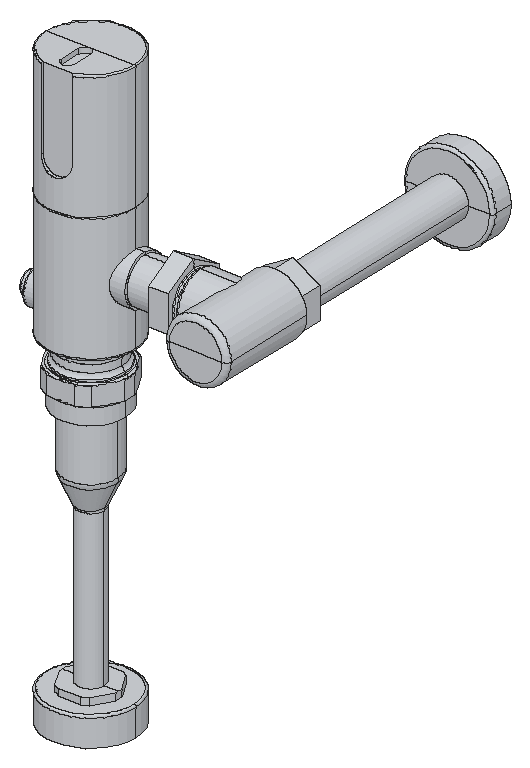
Revit family "Flushometer-Urinal_Touchless-KOHLER-MACH_WAVE-K-40UH00D20_1", category Plumbing Fixtures, host Face, Revit 2017
Family settings
  Host = Face
  Round Connector Dimension = Use Diameter
  Part Type = Normal
  OmniClass Number = 23.27.31.00
  OmniClass Title = Valves
  Cut with Voids When Loaded = No
  Shared = No
  Room Calculation Point = No
Parameters (values of type "0.125 GPF Flushometer, CP-Polished Chrome")
  Without Accessories = Type = 2  # no
  With Accessories = Type = 1  # yes
  Width [instance] = 4 3/8"
  WaterSense Certified = 1 = 0  # no
  Waste Water Outlet = "Waste Water Outlet"  # constant formula
  Waste Connection = 1 = 0  # no
  Vent Connection = 1 = 0  # no
  URL = "https://www.us.kohler.com/us/"
  Type = 1
  RF Width = 3 1/2"  # constant formula
  RF Length = 2 1/2"  # constant formula
  RF Height = 8 1/16"  # constant formula
  Product Page URL = "http://www.us.kohler.com/us/catalog/productDetails.jsp?productId=40UH00D20"
  Product Name = "MACH WAVE"  # constant formula
  Product Documentation Link = "https://www.us.kohler.com/webassets/kpna/catalog/pdf/en/K-40UH00D20_spec.pdf"
  Pressure = 0.00 psi
  Model = if(Type = 1, "K-40UH00D20-CP", if(Type = 2, "K-40UH00D20-RF-CP", "NA"))  # "K-40UH00D20-CP"
  Material = "Premium Metal Construction"  # constant formula
  Master Format 2014 Name = "Control Valves"  # constant formula
  Master Format 2014 = "23 09 13.33"  # constant formula
  Manufacturer Address = "444 Highland Dr, Kohler, WI 53044"  # constant formula
  Manufacturer = "KOHLER Co."  # constant formula
  Length [instance] = 9 3/8"
  Hot Water Inlet = "Hot Water Inlet"  # constant formula
  Height [instance] = 16 3/4"
  HW Connection = 1 = 0  # no
  Flush Rate- LPF = "0.5 LPF"  # constant formula
  Flush Rate- GPF = "0.125 GPF"  # constant formula
  Flow Rate = 0 GPM
  Finish = Kohler-Metal-CP-Polished_Chrome
  Environmental Product Declaration = ""
  Description = if(Type = 1, "HEC 0.125 GPF URINAL FLASH VALVE", if(Type = 2, "HEC 0.125 GPF URINAL RETROFIT FLASH VALVE", "NA"))  # "HEC 0.125 GPF URINAL FLASH VALVE"
  Default Elevation = 0"
  Declare Label = ""
  Date Modified = "02/10/2021"  # constant formula
  Date Created = "02/10/2021"  # constant formula
  Copyright = "Copyright KOHLER Co."  # constant formula
  Contact Us = "https://www.us.kohler.com/us/static/contact.jsp"
  Connector Dia 3 = if(Without Accessories, 3/4", 0")  # 0"
  Connector Dia 2 = if(Without Accessories, 3/4", 0")  # 0"
  Connector Dia 1 = if(With Accessories, 3/4", 0")  # 3/4"
  Cold Water Outlet = "Cold Water Outlet"  # constant formula
  Cold Water Inlet = "Cold Water Inlet"  # constant formula
  Center Distance [instance] = (Height - 5 1/4")  # 11 1/2"
  CW Connection = 1 = 1  # yes
  Assembly Code = "D2020"
  ADA Compliant = 1 = 0  # no
Reference planes (in)
  plane 1 "Center (Front/Back)": y = 0
  plane 2: z = 0
  plane 3 "Center (Left/Right)": x = 0
  plane 4: x = 4.375
  plane 5: z = 16.75
  plane 6: y = 7.5625
  plane 7: y = -1.8125
  plane 8: z = 11.5
  plane 9: x = -1.25
  plane 10: x = -0.375
  plane 11: x = 0.375
  plane 12: x = 1.25
  plane 13: x = -1.75
  plane 14: y = 1.25
  plane 15: y = 0.375
  plane 16: y = -0.375
  plane 17: y = -1.25
  plane 18: x = 3.125
  plane 19: x = 3.8125
  plane 20: x = 4.9375
  plane 21: x = 5.625
  plane 22: y = 6.95157
  plane 23: z = 12.75
  plane 24: z = 12.0625
  plane 25: z = 10.9375
  plane 26: z = 10.25
  plane 27: z = 10.3125
  plane 28: z = 0.8125
  plane 29: z = 8.0625
  plane 30: z = 2.75
  plane 31: x = 3.5
  plane 32: z = 1.625
  plane 33: z = 2.08661
  plane 34: z = 3.41339
  plane 35: y = 0.66339
  plane 36: y = -0.66339
  plane 37: x = -1.25
  plane 38: y = 1.25
  plane 39: y = -1.25
  plane 40: x = 1.25
Dimensions and locks (in)
  "Width": plane 3 "Center (Left/Right)" to plane 4
  "Height": plane 5 to level
  locked: plane 7 to plane 1 "Center (Front/Back)" at 1.8125
  "Length": plane 7 to plane 6
  "Center Distance": plane 8 to level
  plane 5 to plane 8 = 5 1/4"
  plane 18 to plane 4 to plane 21 = 1 1/4" locked, 1 1/4" locked
  plane 19 to plane 4 to plane 20 = 9/16" locked, 9/16" locked
  locked: plane 22 to plane 6 at 0.61093
  locked: plane 27 to plane 8 at 1.1875
  plane 26 to plane 8 to plane 23 = 1 1/4" locked, 1 1/4" locked
  plane 24 to plane 8 to plane 25 = 9/16" locked, 9/16" locked
  plane 28 to level = 13/16"
  "RF Height": plane 29 to level
  "RF Width": plane 3 "Center (Left/Right)" to plane 31
  "RF Length": plane 14 to plane 17
  aligned and locked: plane 2 to host face
  aligned and locked: level to host face
  aligned and locked: plane 5 to nested 1
  aligned and locked: plane 6 to nested 1
  aligned and locked: plane 1 "Center (Front/Back)" to nested 1
  aligned and locked: plane 3 "Center (Left/Right)" to nested 1
  aligned and locked: plane 7 to nested 1
Automatic sketch dimensions
  host sketch curve to host sketch curve = 96"  (x2)
Nested families (in)
  nested 1: "K-40UH00D20" at (0, 0, 0), visible <- "With Accessories", type "K-40UH00D20"
  nested 2: "K-40UH00D20_RF" at (0, 0, 0), visible <- "Without Accessories", type "K-40UH00D20_RF"
Connectors (in)
  piping at (4.375, 7.5625, 11.5), diameter 0.75, driven by "Flow Rate", driven by "CW Connection", driven by "Cold Water Inlet", driven by "Connector Dia 1"
    settings: on nested 1, index 1, connector inside diameter 24", connector length 0", flow factor 0, pipe flow 0 GPM, pressure drop 0.00 psi, fitting loss kfactor 0, connector angle 0.00°, fixture units 0, engagement length 0", angle of deflection 0.00°, flow configuration 0, flow direction 1, fitting loss method 0, system type 20, joint type 0, gender type 0, connector reference index -1, connector utility 1, adjustable connector no, is connector primary yes, connector description "Cold Water Inlet"
  piping at (0, 0, 0), diameter 0.75, driven by "Flow Rate", driven by "CW Connection", driven by "Cold Water Outlet"
    settings: on nested 1, index 2, connector inside diameter 24", connector length 0", flow factor 0, pipe flow 0 GPM, pressure drop 0.00 psi, fitting loss kfactor 0, connector angle 0.00°, fixture units 0, engagement length 0", angle of deflection 0.00°, flow configuration 0, flow direction 2, fitting loss method 0, system type 20, joint type 0, gender type 0, connector reference index -1, connector utility 1, adjustable connector no, is connector primary no, connector description "Cold Water Outlet"
  piping at (3.5, 0, 2.75), driven by "Flow Rate", driven by "CW Connection", driven by "Cold Water Inlet", driven by "Connector Dia 2"
    settings: on nested 2, index 3, connector diameter 0", connector inside diameter 24", connector length 0", flow factor 0, pipe flow 0 GPM, pressure drop 0.00 psi, fitting loss kfactor 0, connector angle 0.00°, fixture units 0, engagement length 0", angle of deflection 0.00°, flow configuration 0, flow direction 1, fitting loss method 0, system type 20, joint type 0, gender type 0, connector reference index -1, connector utility 1, adjustable connector no, is connector primary no, connector description "Cold Water Inlet"
  piping at (0, 0, 0), driven by "Connector Dia 3", driven by "CW Connection", driven by "Cold Water Outlet"
    settings: on nested 2, index 4, connector diameter 0", connector inside diameter 24", connector length 0", flow factor 0, pipe flow 0 GPM, pressure drop 0.00 psi, fitting loss kfactor 0, connector angle 0.00°, fixture units 0, engagement length 0", angle of deflection 0.00°, flow configuration 0, flow direction 2, fitting loss method 0, system type 20, joint type 0, gender type 0, connector reference index -1, connector utility 1, adjustable connector no, is connector primary no, connector description "Cold Water Outlet"
Definition of nested family "K-40UH00D20"
  Parameters (values of type "K-40UD00K20")
    length = 9 3/8"
    Width = 4 3/8"
    Material = none
    Height = 16 3/4"
    Center Distance = (Height - 5 1/4")  # 11 1/2"
  Reference planes (in)
    plane 1 "Center (Front/Back)": y = 0
    plane 2: z = 0
    plane 3 "Center (Left/Right)": x = 0
    plane 4 "A": z = 11.5
    plane 5: z = 10.3125
    plane 6: z = 16.75
    plane 7: x = 4.375
    plane 8: x = -1.25
    plane 9: x = 1.25
    plane 10: y = 1.25
    plane 11: y = -1.25
    plane 12: y = 7.5625
    plane 13: y = -1.8125
    plane 14: z = 12.75
    plane 15: z = 10.25
    plane 16: z = 8.96457
    plane 17: z = 8.37649
    plane 18: x = 3.125
    plane 19: x = 5.625
    plane 20: x = -1.75
    plane 21: z = 16.625
    plane 22: z = 10.77154
    plane 23: y = 6.95157
    plane 24: x = 2.31594
    plane 25: x = 2.86713
    plane 26: x = 2.31594
    plane 27: x = 2.86713
    plane 28: x = -0.375
    plane 29: x = 0.375
    plane 30: y = 0.375
    plane 31: y = -0.375
    plane 32: x = 3.8125
    plane 33: x = 4.9375
    plane 34: z = 12.0625
    plane 35: z = 10.9375
    plane 36: z = 0.8125
  Forms (in)
    Extrusion 1, void
      sketch origin (0, 0, 0) x (1, 0, 0) y (0, 1, 0)
        loop
          circle (0, 0) r 1.31929
        loop
          line (-1.08681, 0.18452) -> (-1.08681, -0.18452) -> (-0.7032, -0.84894) -> (-0.38361, -1.03346) -> (0.38361, -1.03346) -> (0.7032, -0.84894) -> (1.08681, -0.18452) -> (1.08681, 0.18452) -> (0.7032, 0.84894) -> (0.38361, 1.03346) -> (-0.38361, 1.03346) -> (-0.7032, 0.84894) -> (-1.08681, 0.18452)
      from 8.96457 to 8.37649
    Extrusion 2, void
      sketch origin (0, 0, 0) x (1, 0, 0) y (0, 1, 0)
        loop
          line (-0.78603, 0.10393) -> (-0.78603, -0.10393) -> (-0.48302, -0.62876) -> (-0.30301, -0.73268) -> (0.30301, -0.73268) -> (0.48302, -0.62876) -> (0.78603, -0.10393) -> (0.78603, 0.10393) -> (0.48302, 0.62876) -> (0.30301, 0.73268) -> (-0.30301, 0.73268) -> (-0.48302, 0.62876) -> (-0.78603, 0.10393)
        loop
          circle (0, 0) r 1.08041
      from 0.81496 to 1.4779
    Revolve 3, solid, material <- "Material", detail levels medium+fine
      sketch origin (0, 0, 0) x (1, 0, 0) y (0, 0, 1)
        loop
          line (1.50388, 12.13386) -> (1.50388, 12.18528) -> (0, 12.18528) -> (0, 11.5) -> (4.375, 11.5) -> (4.375, 12.31231) -> (3.06772, 12.31231)
          arc (3.06772, 12.31231) -> (3.04611, 12.30801) -> (3.02779, 12.29577) r 0.05647
          line (3.02779, 12.29577) -> (2.97034, 12.23832) -> (2.89854, 12.23832)
          arc (2.89854, 12.23832) -> (2.87633, 12.24752) -> (2.86713, 12.26973) r 0.03141
          line (2.86713, 12.26973) -> (2.86713, 12.57402) -> (2.31594, 12.57402) -> (2.31594, 12.13386) -> (1.50388, 12.13386)
        axis (0, 11.5) -> (4.375, 11.5)
      angle from 0 to 360
    Revolve 4, solid, material <- "Material", detail levels medium+fine
      sketch origin (0, 0, 11.5) x (-1, 0, 0) y (0, -1, 0)
        loop
          line (-5.25094, -1.55) -> (-4.93746, -1.55) -> (-4.93746, -6.95157) -> (-5.54291, -6.95157)
          arc (-5.54291, -6.95157) -> (-5.60096, -6.97562) -> (-5.625, -7.03367) r 0.08209
          line (-5.625, -7.03367) -> (-5.625, -7.5625) -> (-4.375, -7.5625) -> (-4.375, 1.8125) -> (-5.10646, 1.8125)
          arc (-5.10646, 1.8125) -> (-5.20862, 1.77018) -> (-5.25094, 1.66802) r 0.14448
          line (-5.25094, 1.66802) -> (-5.25094, -1.55)
        axis (-4.375, -7.5625) -> (-4.375, 1.8125)
      angle from 0 to 360
    Extrusion 5, void
      sketch origin (0, 0, 0) x (0, 1, 0) y (0, 0, 1)
        loop
          circle (0, 11.5) r 1.18947
        loop
          line (0, 12.50197) -> (-0.86773, 12.00098) -> (-0.86773, 10.99902) -> (0, 10.49803) -> (0.86773, 10.99902) -> (0.86773, 12.00098) -> (0, 12.50197)
      from 2.31594 to 2.86713
    Extrusion 6, void
      sketch origin (0, 0, 0) x (1, 0, 0) y (0, 0, 1)
        loop
          circle (4.375, 11.5) r 1.06894
        loop
          line (4.375, 12.37594) -> (3.61641, 11.93797) -> (3.61641, 11.06203) -> (4.375, 10.62406) -> (5.13359, 11.06203) -> (5.13359, 11.93797) -> (4.375, 12.37594)
      from -0.92795 to -1.86496
    Revolve 7, solid, material <- "Material", detail levels medium+fine
      sketch origin (0, 0, 0) x (1, 0, 0) y (0, 0, 1)
        loop
          line (-0.5997, 10.3125) -> (-0.5997, 10.80709) -> (-1.46322, 10.80709)
          arc (-1.46322, 10.80709) -> (-1.50732, 10.78882) -> (-1.52559, 10.74472) r 0.06237
          line (-1.52559, 10.74472) -> (-1.52559, 10.62339) -> (-1.68732, 10.62339)
          arc (-1.68732, 10.62339) -> (-1.73164, 10.60503) -> (-1.75, 10.56071) r 0.06268
          line (-1.75, 10.56071) -> (-1.75, 10.3125) -> (-0.5997, 10.3125)
        axis (-1.75, 10.3125) -> (-0.5997, 10.3125)
      angle from 0 to 360
    Extrusion 8, void
      sketch origin (0, 0, 0) x (1, 0, 0) y (0, 0, 1)
        loop
          line (0.42988, 16.75) -> (-0.42988, 16.75) -> (-0.42988, 14.48421)
          arc (-0.42988, 14.48421) -> (-0.30372, 14.18071) -> (0, 14.05506) r 0.42988
          arc (0, 14.05506) -> (0.30372, 14.18071) -> (0.42988, 14.48421) r 0.42988
          line (0.42988, 14.48421) -> (0.42988, 16.75)
      from 1.13381 to 1.33905
    Extrusion 9, void
      sketch origin (0, 0, 11.5) x (-1, 0, 0) y (0, -1, 0)
        loop
          line (0.18307, 0.20669) -> (0.18307, 0.79724)
          arc (0.18307, 0.79724) -> (0, 0.98031) -> (-0.18307, 0.79724) r 0.18307
          line (-0.18307, 0.79724) -> (-0.18307, 0.20669)
          arc (-0.18307, 0.20669) -> (0, 0.02362) -> (0.18307, 0.20669) r 0.18307
      from 5.125 to 5.25
    Extrusion 10, void
      sketch origin (0, 0, 11.5) x (-1, 0, 0) y (0, -1, 0)
        loop
          line (1.41057, -0.21142) -> (1.60921, -0.21142) -> (1.60921, 0.21142) -> (1.40955, 0.21142)
          arc (1.40955, 0.21142) -> (1.36418, 0.19773) -> (1.33395, 0.16123) r 0.08203
          arc (1.33395, 0.16123) -> (1.30138, 0.00064) -> (1.33346, -0.16005) r 0.41534
          arc (1.33346, -0.16005) -> (1.36424, -0.1974) -> (1.41057, -0.21142) r 0.08357
      from 0 to -0.72846
    Revolve 11, solid, material <- "Material", detail levels medium+fine
      sketch origin (0, 0, 0) x (1, 0, 0) y (0, 0, 1)
        loop
          line (0, 0) -> (1.25, 0) -> (1.25, 0.75359)
          arc (1.25, 0.75359) -> (1.23275, 0.79525) -> (1.19109, 0.8125) r 0.05891
          line (1.19109, 0.8125) -> (0.92409, 0.8125) -> (0.92409, 1) -> (0.375, 1) -> (0.375, 5.35938)
          arc (0.375, 5.35938) -> (0.37896, 5.39553) -> (0.39065, 5.42996) r 0.167
          line (0.39065, 5.42996) -> (0.72601, 6.14915)
          arc (0.72601, 6.14915) -> (0.74977, 6.21913) -> (0.75781, 6.2926) r 0.33942
          line (0.75781, 6.2926) -> (0.75781, 7.89764) -> (0.98425, 7.89764) -> (0.98425, 8.34472)
          arc (0.98425, 8.34472) -> (0.99197, 8.36919) -> (1.01232, 8.3848) r 0.04265
          line (1.01232, 8.3848) -> (1.14839, 8.43433)
          arc (1.14839, 8.43433) -> (1.16889, 8.45006) -> (1.17666, 8.47471) r 0.04297
          line (1.17666, 8.47471) -> (1.17666, 8.877)
          arc (1.17666, 8.877) -> (1.16889, 8.90164) -> (1.14839, 8.91738) r 0.04297
          line (1.14839, 8.91738) -> (1.07657, 8.94351)
          arc (1.07657, 8.94351) -> (1.03961, 8.95342) -> (1.00148, 8.95675) r 0.21955
          line (1.00148, 8.95675) -> (0.94231, 8.95675) -> (0.94231, 9.0002)
          arc (0.94231, 9.0002) -> (0.88676, 9.06161) -> (0.86667, 9.14194) r 0.17064
          line (0.86667, 9.14194) -> (0.86667, 9.35008)
          arc (0.86667, 9.35008) -> (0.95904, 9.57308) -> (1.18205, 9.66545) r 0.31537
          line (1.18205, 9.66545) -> (1.22186, 9.66545)
          arc (1.22186, 9.66545) -> (1.24176, 9.67369) -> (1.25, 9.69359) r 0.02814
          line (1.25, 9.69359) -> (1.25, 13.19548)
          arc (1.25, 13.19548) -> (1.24055, 13.21854) -> (1.21765, 13.22835) r 0.03287
          line (1.21765, 13.22835) -> (1.25, 13.22835) -> (1.25, 16.71358)
          arc (1.25, 16.71358) -> (1.23933, 16.73933) -> (1.21358, 16.75) r 0.03642
          line (1.21358, 16.75) -> (0, 16.75) -> (0, 0)
        axis (0, 0) -> (0, 16.75)
      angle from 0 to 360
    Revolve 12, solid, material <- "Material", detail levels coarse
      sketch origin (0, 0, 0) x (1, 0, 0) y (0, 0, 1)
        loop
          line (0, 16.75) -> (-1.25, 16.75) -> (-1.25, 7.89764) -> (-0.75781, 7.89764) -> (-0.75781, 5.42296) -> (-0.375, 5.42296) -> (-0.375, 0.81496) -> (-1.25, 0.81496) -> (-1.25, 0) -> (0, 0) -> (0, 16.75)
        axis (0, 16.75) -> (0, 0)
      angle from 0 to 360
    Revolve 13, solid, material <- "Material", detail levels coarse
      sketch origin (0, 0, 11.5) x (-1, 0, 0) y (0, -1, 0)
        loop
          line (-4.375, -7.5625) -> (-4.375, 1.8125) -> (-5.25094, 1.8125) -> (-5.25094, -1.55) -> (-4.93764, -1.55) -> (-4.93764, -6.95157) -> (-5.625, -6.95157) -> (-5.625, -7.5625) -> (-4.375, -7.5625)
        axis (-4.375, -7.5625) -> (-4.375, 1.8125)
      angle from 0 to 360
    Extrusion 14, solid, material <- "Material", detail levels coarse
      sketch origin (0, 0, 0) x (0, 1, 0) y (0, 0, 1)
        loop
          circle (0, 10.3125) r 0.49459
      from -1.75 to -1.08681
    Extrusion 15, solid, material <- "Material", detail levels medium+fine
      sketch origin (0, 0, 0) x (1, 0, 0) y (0, 0, 1)
        loop
          circle (4.375, 11.5) r 0.22469
      from -7.5625 to -6.95157
    Revolve 16, solid, material <- "Material", detail levels coarse
      sketch origin (0, 0, 0) x (1, 0, 0) y (0, 0, 1)
        loop
          line (0, 12.13357) -> (0, 11.5) -> (4.375, 11.5) -> (4.375, 12.31214) -> (2.86713, 12.31214) -> (2.86713, 12.50197) -> (2.31594, 12.50197) -> (2.31594, 12.13357) -> (0, 12.13357)
        axis (4.375, 11.5) -> (0, 11.5)
      angle from 0 to 360
    Extrusion 17, solid, material <- "Material", detail levels medium+fine
      sketch origin (0, 0, 11.5) x (-1, 0, 0) y (0, -1, 0)
        loop
          circle (0, 0) r 0.0897
      from -11.5 to -11.26004
  Cuts and joins
    Extrusion 8, Extrusion 9, Extrusion 10 cuts Revolve 7
    Extrusion 6 cuts Revolve 4
    Extrusion 1, Extrusion 2, Extrusion 8, Extrusion 9 cuts Revolve 11
    Extrusion 5 cuts Revolve 3
  Lines and regions (in)
    Masking region 1
      outline origin (0, 0, 11.5) x (-1, 0, 0) y (0, -1, 0)
        loop
          line (1.14764, -0.49541) -> (1.45548, -0.49541)
          arc (1.45548, -0.49541) -> (1.50506, -0.47487) -> (1.52559, -0.4253) r 0.07011
          line (1.52559, -0.4253) -> (1.52559, -0.31089) -> (1.69067, -0.31089)
          arc (1.69067, -0.31089) -> (1.73262, -0.29351) -> (1.75, -0.25156) r 0.05933
          line (1.75, -0.25156) -> (1.75, 0.25156)
          arc (1.75, 0.25156) -> (1.73262, 0.29351) -> (1.69067, 0.31089) r 0.05933
          line (1.69067, 0.31089) -> (1.52559, 0.31089) -> (1.52559, 0.4253)
          arc (1.52559, 0.4253) -> (1.50506, 0.47487) -> (1.45548, 0.49541) r 0.07011
          line (1.45548, 0.49541) -> (1.14764, 0.49541)
          arc (1.14764, 0.49541) -> (0.68675, 1.04445) -> (0, 1.25) r 1.25
          arc (0, 1.25) -> (-0.59409, 1.0998) -> (-1.04541, 0.68528) r 1.25
          line (-1.04541, 0.68528) -> (-1.50394, 0.68528) -> (-1.50394, 0.63386) -> (-2.31594, 0.63386) -> (-2.31594, 0.86773) -> (-2.86713, 0.86773) -> (-2.86713, 0.77274)
          arc (-2.86713, 0.77274) -> (-2.87721, 0.7484) -> (-2.90155, 0.73832) r 0.03442
          line (-2.90155, 0.73832) -> (-2.97034, 0.73832) -> (-3.0243, 0.79228)
          arc (-3.0243, 0.79228) -> (-3.0465, 0.80711) -> (-3.0727, 0.81232) r 0.06845
          line (-3.0727, 0.81232) -> (-3.49906, 0.81232) -> (-3.49906, 1.66989)
          arc (-3.49906, 1.66989) -> (-3.54083, 1.77073) -> (-3.64167, 1.8125) r 0.14261
          line (-3.64167, 1.8125) -> (-5.11806, 1.8125)
          arc (-5.11806, 1.8125) -> (-5.21202, 1.77358) -> (-5.25094, 1.67962) r 0.13288
          line (-5.25094, 1.67962) -> (-5.25094, -0.92795) -> (-5.13359, -0.92795) -> (-5.13359, -1.55) -> (-4.93764, -1.55) -> (-4.93764, -6.95157) -> (-5.54009, -6.95157)
          arc (-5.54009, -6.95157) -> (-5.60013, -6.97645) -> (-5.625, -7.03649) r 0.08491
          line (-5.625, -7.03649) -> (-5.625, -7.5625) -> (-3.125, -7.5625) -> (-3.125, -7.03649)
          arc (-3.125, -7.03649) -> (-3.14987, -6.97645) -> (-3.20991, -6.95157) r 0.08491
          line (-3.20991, -6.95157) -> (-3.81236, -6.95157) -> (-3.81236, -1.55) -> (-3.61641, -1.55) -> (-3.61641, -0.92795) -> (-3.49906, -0.92795) -> (-3.49906, -0.81232) -> (-3.0727, -0.81232)
          arc (-3.0727, -0.81232) -> (-3.0465, -0.80711) -> (-3.0243, -0.79228) r 0.06845
          line (-3.0243, -0.79228) -> (-2.97034, -0.73832) -> (-2.90155, -0.73832)
          arc (-2.90155, -0.73832) -> (-2.87721, -0.7484) -> (-2.86713, -0.77274) r 0.03442
          line (-2.86713, -0.77274) -> (-2.86713, -0.86773) -> (-2.31594, -0.86773) -> (-2.31594, -0.63386) -> (-1.50394, -0.63386) -> (-1.50394, -0.68528) -> (-1.04541, -0.68528)
          arc (-1.04541, -0.68528) -> (-0.59409, -1.0998) -> (0, -1.25) r 1.25
          arc (0, -1.25) -> (0.68675, -1.04445) -> (1.14764, -0.49541) r 1.25
    Masking region 2
      outline origin (0, 0, 0) x (1, 0, 0) y (0, 0, 1)
        loop
          line (1.25, 0) -> (1.25, 0.75477)
          arc (1.25, 0.75477) -> (1.23309, 0.79559) -> (1.19227, 0.8125) r 0.05773
          line (1.19227, 0.8125) -> (0.78603, 0.8125) -> (0.78603, 1) -> (0.375, 1) -> (0.375, 5.36333)
          arc (0.375, 5.36333) -> (0.37834, 5.39387) -> (0.38822, 5.42296) r 0.14108
          line (0.38822, 5.42296) -> (0.7292, 6.1542)
          arc (0.7292, 6.1542) -> (0.75057, 6.21716) -> (0.75781, 6.28325) r 0.30536
          line (0.75781, 6.28325) -> (0.75781, 7.89764) -> (0.98425, 7.89764) -> (0.98425, 8.33679)
          arc (0.98425, 8.33679) -> (0.99588, 8.36486) -> (1.02395, 8.37649) r 0.0397
          line (1.02395, 8.37649) -> (1.08681, 8.37649) -> (1.08681, 8.92229)
          arc (1.08681, 8.92229) -> (1.07443, 8.95218) -> (1.04453, 8.96457) r 0.04228
          line (1.04453, 8.96457) -> (0.94231, 8.96457) -> (0.94231, 9.0002)
          arc (0.94231, 9.0002) -> (0.88697, 9.06221) -> (0.86698, 9.14288) r 0.1728
          line (0.86698, 9.14288) -> (0.86698, 9.35892)
          arc (0.86698, 9.35892) -> (0.95683, 9.57583) -> (1.17374, 9.66568) r 0.30676
          line (1.17374, 9.66568) -> (1.22254, 9.66568)
          arc (1.22254, 9.66568) -> (1.24196, 9.67372) -> (1.25, 9.69314) r 0.02746
          line (1.25, 9.69314) -> (1.25, 10.81472) -> (1.50394, 10.81472) -> (1.50394, 10.86643) -> (2.31594, 10.86643) -> (2.31594, 10.49803) -> (2.86713, 10.49803) -> (2.86713, 10.72866)
          arc (2.86713, 10.72866) -> (2.8768, 10.75201) -> (2.90014, 10.76168) r 0.03302
          line (2.90014, 10.76168) -> (2.97034, 10.76168) -> (3.02723, 10.70479)
          arc (3.02723, 10.70479) -> (3.04598, 10.69226) -> (3.0681, 10.68786) r 0.0578
          line (3.0681, 10.68786) -> (3.42477, 10.68786)
          arc (3.42477, 10.68786) -> (5.625, 11.5) -> (3.42477, 12.31214) r 1.25
          line (3.42477, 12.31214) -> (3.0681, 12.31214)
          arc (3.0681, 12.31214) -> (3.04598, 12.30774) -> (3.02723, 12.29521) r 0.0578
          line (3.02723, 12.29521) -> (2.97034, 12.23832) -> (2.90094, 12.23832)
          arc (2.90094, 12.23832) -> (2.87703, 12.24822) -> (2.86713, 12.27213) r 0.03381
          line (2.86713, 12.27213) -> (2.86713, 12.50197) -> (2.31594, 12.50197) -> (2.31594, 12.13357) -> (1.50394, 12.13357) -> (1.50394, 12.18528) -> (1.25, 12.18528) -> (1.25, 13.19707)
          arc (1.25, 13.19707) -> (1.24046, 13.21957) -> (1.21765, 13.22835) r 0.03129
          line (1.21765, 13.22835) -> (1.25, 13.22835) -> (1.25, 16.71393)
          arc (1.25, 16.71393) -> (1.23944, 16.73944) -> (1.21393, 16.75) r 0.03607
          line (1.21393, 16.75) -> (-1.21393, 16.75)
          arc (-1.21393, 16.75) -> (-1.23944, 16.73944) -> (-1.25, 16.71393) r 0.03607
          line (-1.25, 16.71393) -> (-1.25, 13.22835) -> (-1.21765, 13.22835)
          arc (-1.21765, 13.22835) -> (-1.24046, 13.21957) -> (-1.25, 13.19707) r 0.03129
          line (-1.25, 13.19707) -> (-1.25, 10.80709) -> (-1.30138, 10.80709)
          spline (-1.30138, 10.80709) -> (-1.3018, 10.80683) -> (-1.30281, 10.80607) -> (-1.3044, 10.8048) -> (-1.30657, 10.80303) -> (-1.30932, 10.80076) -> (-1.31264, 10.798) -> (-1.31652, 10.79476) -> (-1.32096, 10.79103) -> (-1.32594, 10.78684) -> (-1.33145, 10.78218) -> (-1.33748, 10.77708) -> (-1.34402, 10.77154)
          line (-1.34402, 10.77154) -> (-1.50047, 10.77154)
          arc (-1.50047, 10.77154) -> (-1.51823, 10.76418) -> (-1.52559, 10.74642) r 0.02512
          line (-1.52559, 10.74642) -> (-1.52559, 10.62339) -> (-1.68985, 10.62339)
          arc (-1.68985, 10.62339) -> (-1.73238, 10.60577) -> (-1.75, 10.56324) r 0.06015
          line (-1.75, 10.56324) -> (-1.75, 10.06176)
          arc (-1.75, 10.06176) -> (-1.73238, 10.01923) -> (-1.68985, 10.00161) r 0.06015
          line (-1.68985, 10.00161) -> (-1.52559, 10.00161) -> (-1.52559, 9.87879)
          arc (-1.52559, 9.87879) -> (-1.50766, 9.83551) -> (-1.46439, 9.81758) r 0.0612
          line (-1.46439, 9.81758) -> (-1.25, 9.81758) -> (-1.25, 9.69314)
          arc (-1.25, 9.69314) -> (-1.24196, 9.67372) -> (-1.22254, 9.66568) r 0.02746
          line (-1.22254, 9.66568) -> (-1.17374, 9.66568)
          arc (-1.17374, 9.66568) -> (-0.95683, 9.57583) -> (-0.86698, 9.35892) r 0.30676
          line (-0.86698, 9.35892) -> (-0.86698, 9.14288)
          arc (-0.86698, 9.14288) -> (-0.88697, 9.06221) -> (-0.94231, 9.0002) r 0.1728
          line (-0.94231, 9.0002) -> (-0.94231, 8.96457) -> (-1.04453, 8.96457)
          arc (-1.04453, 8.96457) -> (-1.07443, 8.95218) -> (-1.08681, 8.92229) r 0.04228
          line (-1.08681, 8.92229) -> (-1.08681, 8.37649) -> (-1.02395, 8.37649)
          arc (-1.02395, 8.37649) -> (-0.99588, 8.36486) -> (-0.98425, 8.33679) r 0.0397
          line (-0.98425, 8.33679) -> (-0.98425, 7.89764) -> (-0.75781, 7.89764) -> (-0.75781, 6.28325)
          arc (-0.75781, 6.28325) -> (-0.75057, 6.21716) -> (-0.7292, 6.1542) r 0.30536
          line (-0.7292, 6.1542) -> (-0.38822, 5.42296)
          arc (-0.38822, 5.42296) -> (-0.37834, 5.39387) -> (-0.375, 5.36333) r 0.14108
          line (-0.375, 5.36333) -> (-0.375, 1) -> (-0.78603, 1) -> (-0.78603, 0.8125) -> (-1.19227, 0.8125)
          arc (-1.19227, 0.8125) -> (-1.23309, 0.79559) -> (-1.25, 0.75477) r 0.05773
          line (-1.25, 0.75477) -> (-1.25, 0) -> (1.25, 0)
    Masking region 3
      outline origin (0, 0, 0) x (0, 1, 0) y (0, 0, 1)
        loop
          line (1.25, 0) -> (1.25, 0.75262)
          arc (1.25, 0.75262) -> (1.23246, 0.79496) -> (1.19012, 0.8125) r 0.05988
          line (1.19012, 0.8125) -> (0.73268, 0.8125) -> (0.73268, 1) -> (0.37476, 1) -> (0.37476, 5.33413)
          arc (0.37476, 5.33413) -> (0.38078, 5.38912) -> (0.39856, 5.4415) r 0.25405
          line (0.39856, 5.4415) -> (0.72285, 6.13693)
          arc (0.72285, 6.13693) -> (0.74897, 6.21388) -> (0.75781, 6.29465) r 0.3732
          line (0.75781, 6.29465) -> (0.75781, 7.89764) -> (0.98425, 7.89764) -> (0.98425, 8.37649) -> (1.03346, 8.37649) -> (1.03346, 8.96457) -> (0.94231, 8.96457) -> (0.94231, 9.0002)
          arc (0.94231, 9.0002) -> (0.88689, 9.06497) -> (0.86696, 9.14785) r 0.18237
          line (0.86696, 9.14785) -> (0.86696, 9.33648)
          arc (0.86696, 9.33648) -> (0.9567, 9.56242) -> (1.17701, 9.66523) r 0.32932
          line (1.17701, 9.66523) -> (1.22184, 9.66523)
          arc (1.22184, 9.66523) -> (1.24175, 9.67348) -> (1.25, 9.69339) r 0.02816
          line (1.25, 9.69339) -> (1.25, 10.62406) -> (1.55, 10.62406) -> (1.55, 10.93804) -> (6.95157, 10.93804) -> (6.95157, 10.3304)
          arc (6.95157, 10.3304) -> (6.97512, 10.27355) -> (7.03198, 10.25) r 0.0804
          line (7.03198, 10.25) -> (7.5625, 10.25) -> (7.5625, 12.75) -> (7.03198, 12.75)
          arc (7.03198, 12.75) -> (6.97512, 12.72645) -> (6.95157, 12.6696) r 0.0804
          line (6.95157, 12.6696) -> (6.95157, 12.06196) -> (1.55, 12.06196) -> (1.55, 12.37594) -> (1.25, 12.37594) -> (1.25, 13.19345)
          arc (1.25, 13.19345) -> (1.24081, 13.2171) -> (1.21806, 13.22835) r 0.03503
          line (1.21806, 13.22835) -> (1.25, 13.22835) -> (1.25, 16.70975)
          arc (1.25, 16.70975) -> (1.23821, 16.73821) -> (1.20975, 16.75) r 0.04025
          line (1.20975, 16.75) -> (-1.13555, 16.75)
          arc (-1.13555, 16.75) -> (-1.16257, 16.73881) -> (-1.17376, 16.7118) r 0.0382
          line (-1.17376, 16.7118) -> (-1.17376, 14.48421)
          arc (-1.17376, 14.48421) -> (-1.19296, 14.26628) -> (-1.25, 14.05506) r 1.24591
          line (-1.25, 14.05506) -> (-1.25, 13.22835) -> (-1.2189, 13.22835)
          arc (-1.2189, 13.22835) -> (-1.24114, 13.21629) -> (-1.25, 13.1926) r 0.0361
          line (-1.25, 13.1926) -> (-1.25, 12.37429) -> (-1.66532, 12.37429)
          arc (-1.66532, 12.37429) -> (-1.76939, 12.33119) -> (-1.8125, 12.22712) r 0.14718
          line (-1.8125, 12.22712) -> (-1.8125, 10.77288)
          arc (-1.8125, 10.77288) -> (-1.76939, 10.66881) -> (-1.66532, 10.62571) r 0.14718
          line (-1.66532, 10.62571) -> (-1.25, 10.62571) -> (-1.25, 9.69339)
          arc (-1.25, 9.69339) -> (-1.24175, 9.67348) -> (-1.22184, 9.66523) r 0.02816
          line (-1.22184, 9.66523) -> (-1.17701, 9.66523)
          arc (-1.17701, 9.66523) -> (-0.9567, 9.56242) -> (-0.86696, 9.33648) r 0.32932
          line (-0.86696, 9.33648) -> (-0.86696, 9.14785)
          arc (-0.86696, 9.14785) -> (-0.88689, 9.06497) -> (-0.94231, 9.0002) r 0.18237
          line (-0.94231, 9.0002) -> (-0.94231, 8.96457) -> (-1.03346, 8.96457) -> (-1.03346, 8.37649) -> (-0.98425, 8.37649) -> (-0.98425, 7.89764) -> (-0.75781, 7.89764) -> (-0.75781, 6.29465)
          arc (-0.75781, 6.29465) -> (-0.74897, 6.21388) -> (-0.72285, 6.13693) r 0.3732
          line (-0.72285, 6.13693) -> (-0.39856, 5.4415)
          arc (-0.39856, 5.4415) -> (-0.38078, 5.38912) -> (-0.37476, 5.33413) r 0.25405
          line (-0.37476, 5.33413) -> (-0.37476, 1) -> (-0.73268, 1) -> (-0.73268, 0.8125) -> (-1.19012, 0.8125)
          arc (-1.19012, 0.8125) -> (-1.23246, 0.79496) -> (-1.25, 0.75262) r 0.05988
          line (-1.25, 0.75262) -> (-1.25, 0) -> (1.25, 0)
    symbolic lines, detail levels medium+fine
      curve 1: line (-1.52559, -0.31089, 11.5) -> (-1.52559, 0.31089, 11.5)
      curve 2: arc (-1.34442, -0.18412, 11.5) -> (-1.30138, 0, 11.5) -> (-1.34442, 0.18412, 11.5) r 0.41534
      curve 3: line (-1.52559, 0.18412, 11.5) -> (-1.34442, 0.18412, 11.5)
      curve 4: line (-1.34442, -0.18412, 11.5) -> (-1.52559, -0.18412, 11.5)
      curve 5: arc (-1.14764, 0.49541, 11.5) -> (-1.22414, 0.25294, 11.5) -> (-1.25, 0, 11.5) r 1.25
      curve 6: arc (-1.14764, -0.49541, 11.5) -> (-1.22414, -0.25294, 11.5) -> (-1.25, 0, 11.5) r 1.25
      curve 7: arc (1.04541, 0.68528, 11.5) -> (1.19776, 0.35759, 11.5) -> (1.25, 0, 11.5) r 1.25
      curve 8: arc (1.04541, -0.68528, 11.5) -> (1.19776, -0.35759, 11.5) -> (1.25, 0, 11.5) r 1.25
      curve 9: line (0.42988, -1.13381, 11.5) -> (-0.42988, -1.13381, 11.5)
      curve 10: line (-0.42988, -1.13381, 11.5) -> (-0.42988, -1.17376, 11.5)
      curve 11: line (0.42988, -1.17376, 11.5) -> (0.42988, -1.13381, 11.5)
      curve 12: arc (0.42988, -1.13924, 11.5) -> (0, 1.21765, 11.5) -> (-0.42988, -1.13924, 11.5) r 1.21765
      curve 13: arc (0.18307, -0.20669, 11.5) -> (0, -0.02362, 11.5) -> (-0.18307, -0.20669, 11.5) r 0.18307
      curve 14: line (-0.18307, -0.20669, 11.5) -> (-0.18307, -0.79724, 11.5)
      curve 15: line (0.18307, -0.79724, 11.5) -> (0.18307, -0.20669, 11.5)
      curve 16: arc (-0.18307, -0.79724, 11.5) -> (0, -0.98031, 11.5) -> (0.18307, -0.79724, 11.5) r 0.18307
      curve 17: line (1.50394, 0.63386, 11.5) -> (1.50394, -0.63386, 11.5)
      curve 18: line (2.31594, 0.63386, 11.5) -> (2.31594, -0.63386, 11.5)
      curve 19: line (2.86713, 0.77274, 11.5) -> (2.86713, -0.77274, 11.5)
      curve 20: line (2.97034, 0.73832, 11.5) -> (2.97034, -0.73832, 11.5)
      curve 21: line (2.86713, 0.77274, 11.5) -> (2.31594, 0.77274, 11.5)
      curve 22: line (2.31594, 0.05692, 11.5) -> (2.86713, 0.05692, 11.5)
      curve 23: line (2.86713, -0.77274, 11.5) -> (2.31594, -0.77274, 11.5)
      curve 24: line (2.31594, -0.05692, 11.5) -> (2.86713, -0.05692, 11.5)
      curve 25: line (3.81236, 1.55, 11.5) -> (4.93746, 1.55, 11.5)
      curve 26: line (3.71439, 1.55, 11.5) -> (3.71439, 0.92795, 11.5)
      curve 27: line (3.71439, 0.92795, 11.5) -> (4.21439, 0.92795, 11.5)
      curve 28: line (4.21439, 0.92795, 11.5) -> (4.21439, 1.55, 11.5)
      curve 29: line (5.03561, 1.55, 11.5) -> (5.03561, 0.92795, 11.5)
      curve 30: line (5.03561, 0.92795, 11.5) -> (4.53561, 0.92795, 11.5)
      curve 31: line (4.53561, 0.92795, 11.5) -> (4.53561, 1.55, 11.5)
      curve 32: line (3.49906, -0.81232, 11.5) -> (3.9705, -0.20585, 11.5)
      curve 33: line (3.49906, 0.81232, 11.5) -> (3.9705, 0.20585, 11.5)
      curve 34: arc (3.9705, -0.20585, 11.5) -> (4.04109, 0, 11.5) -> (3.9705, 0.20585, 11.5) r 0.33541
      curve 35: line (3.81236, 6.95157, 11.5) -> (4.93764, 6.95157, 11.5)
      curve 36: line (3.125, 7.03649, 11.5) -> (5.625, 7.03649, 11.5)
      curve 37: line (-0.375, 0, 1) -> (0.375, 0, 1)
      curve 38: line (-0.78603, 0, 0.8125) -> (0.78603, 0, 0.8125)
      curve 39: line (-1.25, 0, 0.75723) -> (1.25, 0, 0.75723)
      curve 40: line (-0.48302, 0, 1) -> (-0.48302, 0, 0.8125)
      curve 41: line (-0.30301, 0, 1) -> (-0.30301, 0, 0.8125)
      curve 42: line (0.30301, 0, 1) -> (0.30301, 0, 0.8125)
      curve 43: line (0.48302, 0, 1) -> (0.48302, 0, 0.8125)
      curve 44: line (-0.38822, 0, 5.42296) -> (0.38822, 0, 5.42296)
      curve 45: line (-0.75781, 0, 6.28325) -> (0.75781, 0, 6.28325)
      curve 46: line (-0.75781, 0, 7.89764) -> (0.75781, 0, 7.89764)
      curve 47: line (-1.02395, 0, 8.37649) -> (1.02395, 0, 8.37649)
      curve 48: line (-0.94231, 0, 8.96457) -> (0.94231, 0, 8.96457)
      curve 49: line (0.94231, 0, 9.0002) -> (-0.94231, 0, 9.0002)
      curve 50: line (-0.7032, 0, 8.37649) -> (-0.7032, 0, 8.96457)
      curve 51: line (-0.38361, 0, 8.37649) -> (-0.38361, 0, 8.96457)
      curve 52: line (0.7032, 0, 8.37649) -> (0.7032, 0, 8.96457)
      curve 53: line (0.38361, 0, 8.37649) -> (0.38361, 0, 8.96457)
      curve 54: line (-1.17374, 0, 9.66568) -> (1.17374, 0, 9.66568)
      curve 55: line (-1.52559, 0, 10.62339) -> (-1.52559, 0, 10.00161)
      curve 56: line (-1.25, 0, 9.81758) -> (-1.12019, 0, 10.10913)
      curve 57: line (-1.25, 0, 10.80742) -> (-1.12019, 0, 10.51587)
      curve 58: arc (-1.12019, 0, 10.51587) -> (-1.07697, 0, 10.3125) -> (-1.12019, 0, 10.10913) r 0.5
      curve 59: line (-1.21765, 0, 13.22835) -> (1.21765, 0, 13.22835)
      curve 60: line (-0.43272, 0, 16.75) -> (-0.43272, 0, 14.44082)
      curve 61: arc (-0.42988, 0, 14.48421) -> (-0.30372, 0, 14.18071) -> (0, 0, 14.05506) r 0.42988
      curve 62: arc (0, 0, 14.05506) -> (0.30397, 0, 14.18097) -> (0.42988, 0, 14.48494) r 0.42988
      curve 63: line (0.42988, 0, 14.48494) -> (0.42988, 0, 16.75)
      curve 64: line (1.25, 0, 10.81472) -> (0.74149, 0, 11.32322)
      curve 65: line (1.50394, 0, 12.13386) -> (1.50394, 0, 10.86643)
      curve 66: line (1.25, 0, 12.18528) -> (0.74149, 0, 11.67678)
      curve 67: arc (0.74149, 0, 11.67678) -> (0.66827, 0, 11.5) -> (0.74149, 0, 11.32322) r 0.25
      curve 68: line (2.31594, 0, 12.13357) -> (2.31594, 0, 10.86614)
      curve 69: line (2.86713, 0, 10.72866) -> (2.86713, 0, 12.27213)
      curve 70: line (2.97034, 0, 12.23832) -> (2.97034, 0, 10.76168)
      curve 71: line (3.42477, 0, 12.31214) -> (4.04681, 0, 12.31214)
      curve 72: line (3.42477, 0, 10.68786) -> (4.04681, 0, 10.68786)
      curve 73: arc (3.49791, 0, 10.68786) -> (5.57034, 0, 11.5) -> (3.49791, 0, 12.31214) r 1.19534
      curve 74: circle (4.375, 0, 11.5) r 0.87594 normal (0, -1, 0)
      curve 75: line (2.31594, 0, 12.18005) -> (2.86713, 0, 12.18005)
      curve 76: line (2.31594, 0, 12.00098) -> (2.86713, 0, 12.00098)
      curve 77: line (2.31594, 0, 10.81995) -> (2.86713, 0, 10.81995)
      curve 78: line (2.31594, 0, 10.99902) -> (2.86713, 0, 10.99902)
      curve 79: line (3.49906, -1.66989, 11.5) -> (5.25059, -1.66989, 11.5)
      curve 80: line (0, 0.73268, 0.8125) -> (0, -0.73268, 0.8125)
      curve 81: line (0, 0.375, 1) -> (0, -0.375, 1)
      curve 82: line (0, 1.25, 0.75508) -> (0, -1.25, 0.75508)
      curve 83: line (0, 0.62876, 1) -> (0, 0.62876, 0.8125)
      curve 84: line (0, 0.10393, 1) -> (0, 0.10393, 0.8125)
      curve 85: line (0, -0.10393, 1) -> (0, -0.10393, 0.8125)
      curve 86: line (0, -0.62876, 1) -> (0, -0.62876, 0.8125)
      curve 87: line (0, 0.75781, 6.29465) -> (0, -0.75781, 6.29465)
      curve 88: line (0, 0.39856, 5.4415) -> (0, -0.39856, 5.4415)
      curve 89: line (0, 0.75781, 7.89764) -> (0, -0.75781, 7.89764)
      curve 90: line (0, 0.98425, 8.37649) -> (0, -0.98425, 8.37649)
      curve 91: line (0, 0.94231, 8.96457) -> (0, -0.94231, 8.96457)
      curve 92: line (0, 0.94231, 9.0002) -> (0, -0.94231, 9.0002)
      curve 93: line (0, 0.84894, 8.96457) -> (0, 0.84894, 8.37649)
      curve 94: line (0, 0.18452, 8.96457) -> (0, 0.18452, 8.37649)
      curve 95: line (0, -0.84894, 8.96457) -> (0, -0.84894, 8.37649)
      curve 96: line (0, -0.18452, 8.96457) -> (0, -0.18452, 8.37649)
      curve 97: line (0, 1.17701, 9.66523) -> (0, -1.17701, 9.66523)
      curve 98: line (0, 1.25, 12.37594) -> (0, 1.25, 10.62406)
      curve 99: line (0, -1.25, 12.37429) -> (0, -1.25, 10.62571)
      curve 100: line (0, -1.66532, 12.37429) -> (0, -1.66532, 10.62571)
      curve 101: line (0, 1.25, 16.70975) -> (0, -1.17381, 16.70975)
      curve 102: line (0, 1.21806, 13.22835) -> (0, -1.21765, 13.22835)
      curve 103: line (0, 1.55, 12.06196) -> (0, 1.55, 10.93804)
      curve 104: line (0, 1.55, 11.93797) -> (0, 1.25, 11.93797)
      curve 105: line (0, 1.55, 12.09266) -> (0, 1.25, 12.09266)
      curve 106: line (0, 1.55, 11.06203) -> (0, 1.25, 11.06203)
      curve 107: line (0, 1.55, 10.90734) -> (0, 1.25, 10.90734)
      curve 108: line (0, 6.95157, 12.06196) -> (0, 6.95157, 10.93804)
      curve 109: line (0, 7.03198, 10.25) -> (0, 7.03198, 12.75)
      curve 110: circle (0, 0, 10.3125) r 0.31089 normal (-1, 0, 0)
      curve 111: circle (0, 0, 10.3125) r 0.49459 normal (1, 0, 0)
      curve 112: line (0, 0.23187, 10.74937) -> (0, -0.23187, 10.74937)
      curve 113: line (0, 0.23187, 9.87563) -> (0, -0.23187, 9.87563)
  Dimensions and locks (in)
    "Center Distance": plane 4 "A" to level
    plane 5 to level = 10 5/16"
    "Height": plane 6 to level
    plane 6 to plane 4 "A" = 5 1/4"
    plane 7 to plane 3 "Center (Left/Right)" = 4 3/8"
    plane 8 to plane 9 = 2 1/2"
    plane 1 "Center (Front/Back)" to plane 12 = 7 9/16"
    "length": plane 12 to plane 13
    plane 12 to plane 1 "Center (Front/Back)" = 7 9/16"
    "Width": plane 3 "Center (Left/Right)" to plane 7
    locked: Revolve 4 sketch curve to Revolve 4 sketch curve at 0.61093
    locked: plane 13 to plane 1 "Center (Front/Back)" at 1.8125
    locked: plane 7 to Revolve 4 sketch curve at 0.87594
    locked: plane 7 to Revolve 4 sketch curve at 0.56246
    locked: plane 16 to plane 17 at 0.58808
    locked: plane 6 to plane 16 at 7.78543
    locked: Extrusion 5 sketch curve to plane 1 "Center (Front/Back)" at 0.86773
    locked: plane 1 "Center (Front/Back)" to Extrusion 5 sketch curve at 0.86773
    locked: plane 4 "A" to Extrusion 5 sketch curve at 1.00197
    locked: Extrusion 5 sketch curve to plane 4 "A" at 1.00197
    plane 14 to plane 15 = 2 1/2"
    equal spacing: plane 14, plane 4 "A", plane 15, locked at 1.25 each
    locked: Extrusion 6 sketch curve to plane 7 at 0.75859
    locked: plane 7 to Extrusion 6 sketch curve at 0.75859
    locked: plane 4 "A" to Extrusion 6 sketch curve at 0.87594
    locked: Extrusion 6 sketch curve to plane 4 "A" at 0.87594
    locked: plane 7 to Revolve 4 sketch curve at 1.25
    plane 18 to plane 7 to plane 19 = 1 1/4" locked, 1 1/4" locked
    locked: Revolve 7 sketch curve to plane 5 at 0.31089
    locked: Revolve 7 sketch curve to plane 5 at 0.49459
    locked: plane 4 "A" to plane 5 at 1.1875
    locked: plane 8 to Revolve 7 sketch curve at 0.27559
    plane 20 to plane 19 = 7 3/8"
    locked: plane 3 "Center (Left/Right)" to plane 20 at 1.75
    locked: plane 6 to Extrusion 8 sketch curve at 2.69494
    locked: plane 21 to plane 6 at 0.125
    locked: plane 4 "A" to plane 22 at 0.72846
    locked: plane 12 to plane 23 at 0.61093
    locked: Masking region 2 sketch curve to plane 4 "A" at 0.81214
    locked: Masking region 2 sketch curve to plane 4 "A" at 1.00197
    locked: Masking region 2 sketch curve to plane 4 "A" at 0.63357
    locked: Masking region 2 sketch curve to plane 4 "A" at 0.68528
    locked: plane 25 to plane 24 at 0.55118
    locked: plane 7 to plane 25 at 1.50787
    locked: plane 27 to plane 26 at 0.55118
    locked: plane 7 to plane 27 at 1.50787
    plane 3 "Center (Left/Right)" to plane 28 = 3/8"
    plane 7 to plane 32 = 9/16"
    plane 36 to level = 13/16"
    aligned and locked: plane 2 to level
    aligned and locked: Revolve 3 sketch curve to plane 7
    aligned and locked: Revolve 4 sketch curve to plane 12
    aligned and locked: plane 17 to Extrusion 1
    aligned and locked: plane 1 "Center (Front/Back)" to Extrusion 5 sketch curve
    aligned and locked: plane 4 "A" to Extrusion 5 sketch curve
    aligned and locked: plane 7 to Extrusion 6 sketch curve
    aligned and locked: plane 4 "A" to Extrusion 6 sketch curve
    aligned and locked: Revolve 7 sketch curve to plane 5
    aligned and locked: plane 5 to Revolve 7 sketch curve
    aligned and locked: Extrusion 8 sketch curve to plane 6
    aligned and locked: Extrusion 9 to plane 21
    aligned and locked: Extrusion 9 to plane 6
    aligned and locked: plane 4 "A" to Extrusion 10
    aligned and locked: plane 22 to Extrusion 10
    aligned and locked: Masking region 1 sketch curve to plane 12
    aligned and locked: cut or joined group of Revolve 4, Extrusion 6 to Masking region 1 sketch curve
    aligned and locked: Masking region 1 sketch curve to plane 18
    aligned and locked: Masking region 1 to curve 18
    aligned and locked: curve 19 to Masking region 1
    aligned and locked: Revolve 11 sketch curve to plane 6
    aligned and locked: Extrusion 1 to plane 16
    aligned and locked: Masking region 2 sketch curve to cut or joined group of Extrusion 1, Extrusion 2, Extrusion 8, Extrusion 9, Revolve 11
    aligned and locked: cut or joined group of Extrusion 1, Extrusion 2, Extrusion 8, Extrusion 9, Revolve 11 to Masking region 2 sketch curve
    aligned and locked: Masking region 2 sketch curve to plane 16
    aligned and locked: Masking region 2 sketch curve to plane 17
    aligned and locked: Masking region 2 sketch curve to plane 6
    aligned and locked: curve 69 to Masking region 2
    aligned and locked: level to Masking region 3 sketch curve
    aligned and locked: cut or joined group of Revolve 4, Extrusion 6 to Masking region 3 sketch curve  (x2)
    aligned and locked: Masking region 3 sketch curve to cut or joined group of Revolve 4, Extrusion 6
    aligned and locked: plane 23 to Masking region 3 sketch curve
    aligned and locked: Masking region 3 sketch curve to plane 15
    aligned and locked: plane 12 to Masking region 3 sketch curve
    aligned and locked: plane 6 to Masking region 3 sketch curve
    aligned and locked: Masking region 3 sketch curve to cut or joined group of Extrusion 1, Extrusion 2, Extrusion 8, Extrusion 9, Revolve 11
    aligned and locked: curve 110 to cut or joined group of Revolve 7, Extrusion 8, Extrusion 9, Extrusion 10
    aligned and locked: Revolve 12 sketch curve to plane 6
    aligned and locked: Revolve 13 sketch curve to plane 12
    aligned and locked: Revolve 13 sketch curve to plane 23
    aligned and locked: plane 19 to Revolve 13 sketch curve
    aligned and locked: Revolve 13 sketch curve to Masking region 1
    aligned and locked: Revolve 13 sketch curve to plane 13
    aligned and locked: Revolve 13 sketch curve to cut or joined group of Revolve 4, Extrusion 6
    aligned and locked: Revolve 13 sketch curve to plane 7
    aligned and locked: plane 1 "Center (Front/Back)" to Extrusion 14 sketch curve
    aligned and locked: plane 5 to Extrusion 14 sketch curve
    aligned and locked: plane 7 to Extrusion 15 sketch curve
    aligned and locked: plane 4 "A" to Extrusion 15 sketch curve
    aligned and locked: plane 12 to Extrusion 15
    aligned and locked: Extrusion 15 to cut or joined group of Revolve 4, Extrusion 6
    aligned and locked: plane 24 to Masking region 2 sketch curve
    aligned and locked: Masking region 2 sketch curve to plane 24
    aligned and locked: plane 26 to Revolve 3 sketch curve
    aligned and locked: plane 27 to Revolve 3 sketch curve
    aligned and locked: Extrusion 5 to Revolve 3  (x2)
    aligned and locked: Revolve 16 sketch curve to plane 4 "A"
    aligned and locked: Revolve 16 sketch curve to Masking region 2
    aligned and locked: Revolve 16 sketch curve to cut or joined group of Revolve 3, Extrusion 5  (x2)
    aligned and locked: plane 4 "A" to Revolve 16 sketch curve
  Automatic sketch dimensions
    plane 1 "Center (Front/Back)" to Extrusion 1 sketch curve = 0"
    Extrusion 1 sketch curve to plane 3 "Center (Left/Right)" = 0"
    Extrusion 1 sketch curve to plane 3 "Center (Left/Right)" = 0.38361"  (x2)
    Extrusion 1 sketch curve to Extrusion 1 sketch curve = 0.3196"  (x4)
    plane 8 to Extrusion 1 sketch curve = 0.16319"
    plane 3 "Center (Left/Right)" to Extrusion 1 sketch curve = 0.38361"  (x2)
    plane 9 to Extrusion 1 sketch curve = 0.16319"
    plane 1 "Center (Front/Back)" to Extrusion 1 sketch curve = 0.18452"  (x2)
    plane 11 to Extrusion 1 sketch curve = 0.40106"  (x2)
    plane 11 to Extrusion 1 sketch curve = 0.21654"
    Extrusion 1 sketch curve to plane 1 "Center (Front/Back)" = 0.18452"  (x2)
    plane 10 to Extrusion 1 sketch curve = 0.40106"  (x2)
    plane 10 to Extrusion 1 sketch curve = 0.21654"
    plane 1 "Center (Front/Back)" to Extrusion 2 sketch curve = 0"
    Extrusion 2 sketch curve to plane 3 "Center (Left/Right)" = 0"
    Extrusion 2 sketch curve to plane 3 "Center (Left/Right)" = 0.30301"  (x2)
    Extrusion 2 sketch curve to Extrusion 2 sketch curve = 0.18"  (x4)
    plane 1 "Center (Front/Back)" to Extrusion 2 sketch curve = 0.10393"  (x2)
    plane 8 to Extrusion 2 sketch curve = 0.46397"
    plane 3 "Center (Left/Right)" to Extrusion 2 sketch curve = 0.30301"  (x2)
    plane 9 to Extrusion 2 sketch curve = 0.46397"
    Extrusion 2 sketch curve to Extrusion 2 sketch curve = 0.52483"  (x4)
    Extrusion 2 sketch curve to Extrusion 2 sketch curve = 0.10393"  (x2)
    Extrusion 2 sketch curve to plane 1 "Center (Front/Back)" = 0.10393"  (x2)
    Revolve 4 sketch curve to plane 13 = 0"
    Revolve 4 sketch curve to plane 7 = 0"  (x2)
    Revolve 4 sketch curve to Revolve 4 sketch curve = 0.08209"
    plane 13 to Revolve 4 sketch curve = 0.14448"
    Revolve 4 sketch curve to plane 10 = 0.3"
    Revolve 4 sketch curve to Revolve 4 sketch curve = 4"
    Revolve 4 sketch curve to Revolve 4 sketch curve = 3"
    Revolve 7 sketch curve to Revolve 7 sketch curve = 0.06237"
    Revolve 7 sketch curve to plane 3 "Center (Left/Right)" = 0.5997"
    Revolve 7 sketch curve to plane 9 = 1"
    Revolve 7 sketch curve to Revolve 7 sketch curve = 0.44766"
    Revolve 7 sketch curve to Revolve 7 sketch curve = 0.16173"
    Revolve 7 sketch curve to Revolve 7 sketch curve = 0.06268"
    Extrusion 8 sketch curve to Extrusion 8 sketch curve = 0"
    Extrusion 8 sketch curve to plane 3 "Center (Left/Right)" = 0"
    Extrusion 8 sketch curve to plane 3 "Center (Left/Right)" = 0.42988"
    plane 3 "Center (Left/Right)" to Extrusion 8 sketch curve = 0.42988"
    Extrusion 8 sketch curve to Extrusion 8 sketch curve = 0.00073"
    Extrusion 9 sketch curve to plane 3 "Center (Left/Right)" = 0"
    plane 3 "Center (Left/Right)" to Extrusion 9 sketch curve = 0.18307"
    plane 1 "Center (Front/Back)" to Extrusion 9 sketch curve = 0.20669"
    plane 11 to Extrusion 9 sketch curve = 0.45276"
    plane 1 "Center (Front/Back)" to Extrusion 10 sketch curve = 0"
    Extrusion 10 sketch curve to plane 8 = 0.15955"
    Extrusion 10 sketch curve to plane 8 = 0.16057"
    plane 20 to Extrusion 10 sketch curve = 0.14079"
    plane 20 to Extrusion 10 sketch curve = 0.03328"
    Extrusion 10 sketch curve to plane 1 "Center (Front/Back)" = 0.12785"
    Extrusion 10 sketch curve to Extrusion 10 sketch curve = 0.08357"
    plane 1 "Center (Front/Back)" to Extrusion 10 sketch curve = 0.12939"
    Extrusion 10 sketch curve to Extrusion 10 sketch curve = 21/256"
    Extrusion 10 sketch curve to Extrusion 10 sketch curve = 0"
    curve 110 to curve 111 = 0"  (x2)
    curve 99 to plane 11 = 0"
    curve 82 to plane 11 = 0"
    plane 17 to curve 90 = 0"
    plane 16 to curve 91 = 0"
    curve 98 to plane 10 = 0"
    curve 101 to plane 10 = 0"
    curve 82 to plane 10 = 0"
    curve 108 to plane 23 = 0"
    plane 15 to curve 109 = 0"
    curve 109 to plane 14 = 0"
    plane 13 to curve 100 = 0.14718"
    plane 11 to curve 102 = 0.03235"
    plane 11 to curve 97 = 0.07299"
    plane 11 to curve 101 = 0.07619"
    plane 11 to curve 90 = 0.26575"
    plane 11 to curve 91 = 0.30769"
    curve 92 to curve 91 = 0"  (x2)
    curve 90 to curve 95 = 0.13531"
    curve 95 to curve 89 = 0.09113"
    plane 11 to curve 87 = 63/128"
    plane 11 to curve 80 = 0.51732"
    curve 80 to curve 86 = 0.10393"
    plane 1 "Center (Front/Back)" to curve 88 = 0.39856"
    curve 86 to curve 81 = 0.25376"
    plane 22 to curve 112 = 0.02217"
    plane 1 "Center (Front/Back)" to curve 112 = 0.23187"
    plane 1 "Center (Front/Back)" to curve 113 = 0.23187"
    plane 1 "Center (Front/Back)" to curve 96 = 0.18452"
    plane 1 "Center (Front/Back)" to curve 85 = 0.10393"
    curve 84 to plane 1 "Center (Front/Back)" = 0.10393"
    curve 94 to plane 1 "Center (Front/Back)" = 0.18452"
    curve 84 to curve 81 = 0.27107"
    curve 88 to plane 1 "Center (Front/Back)" = 0.39856"
    curve 81 to curve 83 = 0.25376"
    curve 83 to curve 80 = 0.10393"
    plane 10 to curve 89 = 63/128"
    plane 10 to curve 87 = 63/128"
    plane 10 to curve 93 = 0.40106"
    curve 93 to curve 91 = 0.09336"
    curve 93 to curve 90 = 0.13531"
    plane 10 to curve 97 = 0.07299"
    plane 10 to curve 102 = 0.03194"
    curve 103 to plane 10 = 0.3"
    curve 105 to curve 103 = 0"
    curve 107 to curve 103 = 0"
    curve 109 to plane 23 = 0.0804"
    plane 17 to curve 89 = 0.47885"
    curve 87 to curve 89 = 1.60299"
    curve 88 to curve 87 = 0.85316"
    level to curve 83 = 1"
    curve 84 to curve 83 = 0"
    curve 86 to curve 81 = 0"
    curve 86 to curve 86 = 3/16"
    curve 82 to curve 80 = 0.05742"
    curve 92 to plane 16 = 0.03563"
    plane 15 to curve 97 = 0.58477"
    plane 22 to curve 98 = 0.14748"
    plane 22 to curve 99 = 0.14583"
    plane 22 to curve 100 = 0.14583"
    curve 107 to plane 22 = 0.1358"
    curve 107 to curve 103 = 0.0307"
    curve 108 to plane 22 = 0.1665"
    curve 103 to curve 106 = 0.12399"
    plane 4 "A" to curve 104 = 0.43797"
    curve 104 to curve 103 = 0.12399"
    plane 4 "A" to curve 108 = 0.56196"
    curve 103 to curve 105 = 0.0307"
    curve 100 to plane 14 = 0.37571"
    curve 99 to plane 14 = 0.37571"
    curve 105 to curve 98 = 0.28328"
    plane 14 to curve 102 = 0.47835"
    plane 6 to curve 101 = 0.04025"
    curve 61 to curve 62 = 0"
    curve 73 to curve 74 = 0"  (x2)
    curve 58 to plane 5 = 0"
    curve 57 to plane 8 = 0"
    curve 39 to plane 8 = 0"
    curve 56 to plane 8 = 0"
    curve 47 to plane 17 = 0"
    curve 48 to plane 16 = 0"
    curve 60 to plane 6 = 0"
    curve 63 to plane 6 = 0"
    curve 67 to plane 4 "A" = 0"
    plane 9 to curve 39 = 0"
    plane 9 to curve 66 = 0"
    plane 9 to curve 64 = 0"
    curve 74 to plane 4 "A" = 0"
    curve 74 to plane 7 = 0"
    plane 20 to curve 58 = 0.17303"
    plane 8 to curve 57 = 0.12981"
    plane 8 to curve 56 = 0.12981"
    curve 61 to plane 3 "Center (Left/Right)" = 0"
    plane 3 "Center (Left/Right)" to curve 63 = 0.42988"
    plane 9 to curve 66 = 0.50851"
    curve 64 to plane 4 "A" = 0.17678"
    curve 67 to curve 64 = 0"
    curve 67 to curve 67 = 0.17678"
    plane 15 to curve 56 = 0.14087"
    plane 14 to curve 63 = 1.73494"
    plane 20 to curve 55 = 0.22441"
    plane 8 to curve 59 = 0.03235"
    plane 8 to curve 54 = 0.07626"
    plane 8 to curve 47 = 0.22605"
    plane 8 to curve 48 = 0.30769"
    curve 49 to curve 48 = 0"  (x2)
    plane 8 to curve 38 = 0.46397"
    plane 8 to curve 45 = 63/128"
    plane 8 to curve 46 = 63/128"
    curve 47 to curve 50 = 0.32075"
    curve 38 to curve 40 = 0.30301"
    curve 60 to plane 3 "Center (Left/Right)" = 0.43272"
    curve 60 to curve 61 = 0.00283"
    curve 44 to plane 3 "Center (Left/Right)" = 0.38822"
    curve 50 to curve 51 = 0.3196"
    curve 40 to curve 37 = 0.10802"
    curve 40 to curve 41 = 0.18"
    plane 3 "Center (Left/Right)" to curve 42 = 0.30301"
    curve 42 to curve 37 = 0.07199"
    plane 3 "Center (Left/Right)" to curve 53 = 0.38361"
    plane 3 "Center (Left/Right)" to curve 44 = 0.38822"
    curve 42 to curve 43 = 0.18"
    curve 53 to curve 52 = 0.3196"
    curve 52 to curve 46 = 0.05461"
    plane 9 to curve 45 = 63/128"
    curve 43 to curve 38 = 0.30301"
    curve 52 to curve 48 = 0.2391"
    plane 9 to curve 47 = 0.22605"
    plane 9 to curve 54 = 0.07626"
    plane 9 to curve 59 = 0.03235"
    curve 65 to plane 22 = 0.09489"
    curve 65 to plane 9 = 0.25394"
    curve 75 to curve 68 = 0"
    curve 68 to curve 77 = 0"
    curve 69 to curve 70 = 0.10322"
    plane 18 to curve 71 = 0.29977"
    plane 22 to curve 72 = 0.08367"
    plane 18 to curve 72 = 0.29977"
    curve 72 to curve 73 = 0.07314"
    curve 71 to curve 73 = 0.07314"
    curve 71 to plane 7 = 0.32819"
    plane 17 to curve 46 = 0.47885"
    curve 45 to curve 46 = 1.61439"
    curve 44 to curve 45 = 0.8603"
    level to curve 40 = 1"
    curve 41 to curve 40 = 0"
    curve 43 to curve 37 = 0"
    curve 43 to curve 43 = 3/16"
    curve 39 to curve 38 = 0.05527"
    curve 48 to curve 49 = 0.03563"
    plane 15 to curve 54 = 0.58432"
    curve 54 to curve 56 = 0.1519"
    plane 15 to curve 55 = 0.24839"
    plane 22 to curve 55 = 0.14815"
    plane 22 to curve 69 = 0.04287"
    plane 22 to curve 70 = 0.00986"
    curve 57 to plane 22 = 0.03588"
    curve 64 to plane 22 = 0.04318"
    curve 77 to plane 22 = 0.04841"
    curve 77 to curve 68 = 0.04619"
    curve 77 to curve 78 = 0.17907"
    plane 4 "A" to curve 76 = 0.50098"
    curve 76 to curve 68 = 0.13259"
    curve 65 to plane 14 = 0.61614"
    curve 68 to curve 75 = 0.04648"
    curve 65 to curve 66 = 0.05143"
    curve 75 to curve 70 = 0.05827"
    curve 75 to curve 69 = 0.09208"
    plane 14 to curve 59 = 0.47835"
    curve 60 to curve 61 = 0.04339"
    Revolve 3 sketch curve to plane 3 "Center (Left/Right)" = 0"
    Revolve 3 sketch curve to plane 4 "A" = 0"  (x2)
    Revolve 3 sketch curve to plane 9 = 0.25388"
    Revolve 3 sketch curve to Revolve 3 sketch curve = 0.03141"
    Revolve 3 sketch curve to Revolve 3 sketch curve = 0.0718"
    Revolve 3 sketch curve to Revolve 3 sketch curve = 0.03993"  (x2)
    Revolve 3 sketch curve to plane 14 = 0.61614"
    Revolve 3 sketch curve to Revolve 3 sketch curve = 0.05143"
    Revolve 3 sketch curve to plane 14 = 0.51168"
    Revolve 3 sketch curve to Revolve 3 sketch curve = 0.01751"
    Revolve 3 sketch curve to plane 14 = 0.17598"
    Revolve 3 sketch curve to plane 19 = 1/4"
    Revolve 3 sketch curve to Revolve 3 sketch curve = 1/2"
    Extrusion 5 sketch curve to plane 1 "Center (Front/Back)" = 0"  (x2)
